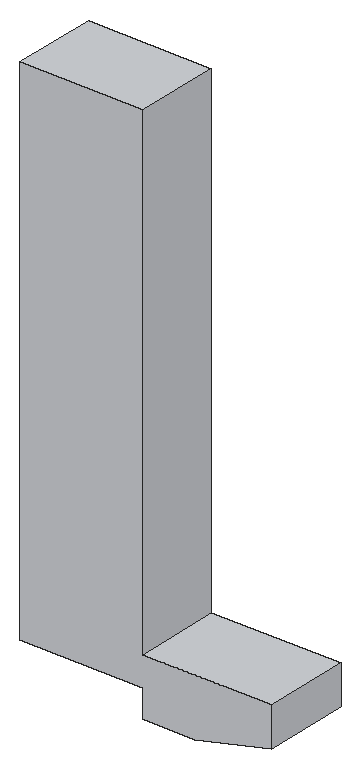
Revit family "M_Concrete Column - Rectangular - Single Corbel_Type01", category Structural Columns, Revit 2022
Family settings
  Section Shape = Not Defined
  Material for Model Behavior = Other
  Always export as geometry = No
  Beam cutback in plan = From bounding box
  OmniClass Number = 23.25.30.11.14.11
  OmniClass Title = Columns
  Cut with Voids When Loaded = No
  Symbolic Representation = From Family
  Shared = Yes
  Show family pre-cut in plan views = Yes
Parameters (values of type "RC950X660mm")
  Depth = 660 mm
  Width = 950 mm
  CORBEL TOP [instance] = 3770 mm
  CORBEL HEIGHT [instance] = 450 mm
  CORBEL FRONT HEIGHT [instance] = 300 mm
  CORBEL BOTTOM LENGTH [instance] = 400 mm
  CORBE LENGTH [instance] = 1000 mm
Types (6, lengths in mm): name | Depth | Width | CORBEL TOP | CORBEL HEIGHT | CORBEL FRONT HEIGHT | CORBEL BOTTOM LENGTH | CORBE LENGTH
  RC1010x650mm | 650 | 1010 | 3480 | 510 | 380 | 300 | 1000
  RC930x650mm | 650 | 930 | 3430 | 510 | 350 | 300 | 1025
  RC950x670mm | 670 | 950 | 3530 | 470 | 320 | 300 | 1000
  RC950X660mm | 660 | 950 | 3770 | 450 | 300 | 400 | 1000
  RC930x630mm | 630 | 930 | 3320 | 450 | 280 | 300 | 980
  RC600x600mm | 600 | 600 | 575.212 | 600 | 400 | 254.561 | 954.561
Reference planes
  plane 1 "Center (Front/Back)": y = 0
  plane 2: z = 0
  plane 3 "Center (Left/Right)": x = 0
  plane 4 "Left": x = -475
  plane 5 "Right": x = 475
  plane 6 "Back": y = 330
  plane 7 "Front": y = -330
  plane 8: z = 230
  plane 9: z = -70
  plane 10: z = -220
  plane 11: x = 875
  plane 12: x = 1475
Forms (mm)
  Extrusion 1, solid
    sketch origin (0, 0, 0) x (1, 0, 0) y (0, 1, 0)
      loop
        line (-475, 330) -> (-475, -330) -> (475, -330) -> (475, 330) -> (-475, 330)
    from 0 to 4000
  Extrusion 2, solid
    sketch origin (0, -330, 0) x (1, 0, 0) y (0, 0, 1)
      loop
        line (475, 230) -> (475, -220) -> (875, -220) -> (1475, -70) -> (1475, 230) -> (475, 230)
    from -660 to 0
Cuts and joins
  joined: Extrusion 1, Extrusion 2
Dimensions and locks
  equal spacing: plane 4 "Left", plane 3 "Center (Left/Right)", plane 5 "Right"
  equal spacing: plane 7 "Front", plane 1 "Center (Front/Back)", plane 6 "Back"
  "Width": plane 4 "Left" to plane 5 "Right"
  "Depth": plane 7 "Front" to plane 6 "Back"
  "CORBEL TOP": level to plane 8
  "CORBEL FRONT HEIGHT": plane 8 to plane 9
  "CORBEL HEIGHT": plane 8 to plane 10
  "CORBE LENGTH": plane 5 "Right" to plane 12
  "CORBEL BOTTOM LENGTH": plane 5 "Right" to plane 11
  aligned and locked: level to plane 2
  aligned and locked: level to Extrusion 1
  aligned and locked: Extrusion 1 to level
  aligned and locked: Extrusion 2 sketch curve to plane 8
  aligned and locked: Extrusion 2 sketch curve to plane 5 "Right"
  aligned and locked: plane 12 to Extrusion 2 sketch curve
  aligned and locked: plane 10 to Extrusion 2 sketch curve
  aligned and locked: Extrusion 2 to plane 6 "Back"
  aligned and locked: plane 7 "Front" to Extrusion 2
Automatic sketch dimensions
  Extrusion 1 sketch curve to plane 4 "Left" = 0 mm
  Extrusion 1 sketch curve to plane 5 "Right" = 0 mm
  plane 7 "Front" to Extrusion 1 sketch curve = 0 mm
  plane 6 "Back" to Extrusion 1 sketch curve = 0 mm
  Extrusion 2 sketch curve to plane 11 = 0 mm
  Extrusion 2 sketch curve to plane 9 = 0 mm
